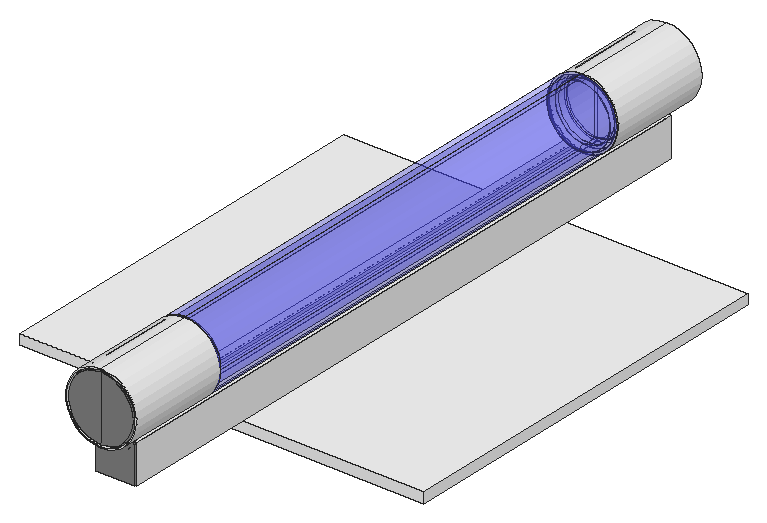
Revit family "BE_23256.1_de_DE", category Leuchten, Revit 2020
Family settings
  Basisbauteil = Fläche
  Bemaßung runder Anschluss = Durchmesser verwenden
  Teiletyp = Normal
  Beim Laden mit Abzugskörper schneiden = Ja
  Lichtquelle = Ja
  Gemeinsam genutzt = Nein
  Raumberechnungspunkt = Ja
Parameters (values of type "BEGA_23256.1_K3")
  built-in parameter 1150104 = 11.669 (stored number, unit not read)
  Wattage = 16.8 W
  Default Elevation = 0 mm
  built-in parameter 1150113 = 1 (stored number, unit not read)
  built-in parameter 1114218 = 1 (stored number, unit not read)
  Umgebungstemperatur = "25 °C"
  URL = "http://www.bega.de/de/produkt/23256.1"
  Typenkommentare = "© 2022 BEGA. Wir behalten uns das Recht vor, technische Änderungen ohne vorherige Ankündigung vorzunehmen."  # constant formula
  built-in parameter 1150134 = 12
  built-in parameter 1150109 = 1 (stored number, unit not read)
  Strom = ""
  built-in parameter 1150110 = 1 (stored number, unit not read)
  Spannung = 239.996 V
  Sonderanfertigung = no
  Seriennummer [instance] = "Hier können Sie die eindeutige Seriennummer für das Facility Management eintragen."
  Schutzklasse = "I"
  Schutzart = "IP 44"
  Scheinlast = 0 VA
  Produktdatenblatt = "http://www.bega.de/download/Xrfa/db/23256.1.db.de.pdf"
  Oberflächentemperatur = ""
  Neigungswinkel = 0.00°
  Model = "23256.1K4"
  Material_17 = BEGA_Reflektor
  Material_15 = BEGA_Leuchtmedium_matt
  Material_11 = BEGA_Glas_opal
  Material_09 = BEGA_Glas_klar
  Material_06 = BEGA_Oberfläche_Edelstahl_gebürstet
  Material_05 = BEGA_Oberfläche_Aluminium Guss
  Material_04 = BEGA_Kunststoff_Grafit_matt
  Material_03 = BEGA_Oberfläche_Weiss_matt
  Material_02 = BEGA_Oberfläche_Silber_matt
  Material_01 [instance] = BEGA_Oberfläche_Grafit_matt
  M_W = no
  M_G = no
  M_A = no
  Logo = 0
  built-in parameter 1114217 = 1 (stored number, unit not read)
  built-in parameter 1150139 = (empty or 0)
  built-in parameter 1150105 = 167.91 (stored number, unit not read)
  built-in parameter 1150114 = 1 (stored number, unit not read)
  Lumens = 2110.08 lm
  built-in parameter 1150115 = 1 (stored number, unit not read)
  Leuchtenlichtstrom = "1696 lm"
  Leuchtenanzahl = ""
  Lebensdauerkriterien = "L70B50 @ 25 °C = 425000 h"
  Lastklassifizierung = Beleuchtung
  built-in parameter 1150112 = 1 (stored number, unit not read)
  Lampenlichtstrom = "2240 lm"
  Lampe = "LED 13.6 W"
  LED_Modulbezeichnung = "2x LED-0425/940"
  Hersteller = "BEGA"  # constant formula
  Halbstreuwinkel = ""
  Gewicht = "2.2 kg"
  Gebrauchslageneinschränkung [instance] = ""
  Frequenz = "0/50-60 Hz"
  Farbwiedergabeindex = "CRI > 90"
  Farbtemperaturverschiebung bei Dämpfen der Lampe = <Keine Auswahl>
  Farbtemperatur = "4000 K"
  Color Filter = 16777215
  built-in parameter 1150133 = 10 (stored number, unit not read)
  Energieeffizienzklasse = "LED A++ - A"
  built-in parameter 1150137 = (empty or 0)
  built-in parameter 1150132 = (empty or 0)
  ENEC = ""
  Dimmbar [instance] = ""
  Photometric Web File = "BE_23256.1K4.IES"
  CE_Konformität = "ja"
  Bestellnummer = "23256.1K4"
  Beschreibung_Sonderanfertigung = "Hier können Sie Informationen zur Sonderanfertigung eintragen."
  Beschreibung = "Wandleuchte"
  built-in parameter 1150106 = 1.6791 (stored number, unit not read)
  Befestigungsbohrung = "Ø 6 mm"
  Befestigungsabstand = "460 mm"
  Ballwurfsicher = ""
  BEGA_Intern_aus = yes
  BEGA_Intern_an = yes
  BEGA_Intern_Konstruktion = yes
  BEGA_Intern = yes
  BEGA_IES = yes
  BEGA_Dummy = no
  Anschlussleitung = ""
  Anschlussleistung [instance] = "15.7 W"
  Anschlusskasten = ""
  built-in parameter 1150107 = 4000 (stored number, unit not read)
  built-in parameter 1150102 = (empty or 0)
  built-in parameter 1150138 = (empty or 0)
  Aktualisierung = "2019-07-05T04:00:16"
  Abstand_zur_angestrahlten_Fläche [instance] = ""
  AC/DC = "AC/DC"
Reference planes
  plane 1 "Mitte (Vorne/Hinten)": y = 0
  plane 2: z = 0
  plane 3 "Mitte (Links/Rechts)": x = 0
  plane 4 "Links": x = -35
  plane 5 "Rechts": x = 35
  plane 6 "Unten": y = -349.5
  plane 7 "Oben": y = 349.5
  plane 8 "Vorne": z = 104.517
  plane 9 "Hinten": z = 0
Forms (mm)
  Extrusion 1, solid, material "BEGA_Platte_Weiss"
    sketch origin (0, -1119.2, 0) x (1, 0, 0) y (0, 1, 0)
      loop
        line (-200, 1319.2) -> (-200, 919.2) -> (200, 919.2) -> (200, 1319.2) -> (-200, 1319.2)
    from 0 to -10
  Extrusion 2, solid, material "BEGA_Dummy_matt", visible <- "BEGA_Dummy"
    sketch origin (80.095, -76.023, 0) x (1, 0, 0) y (0, 1, 0)
      loop
        line (-115.095, 425.523) -> (-115.095, -273.477) -> (-45.095, -273.477) -> (-45.095, 425.523) -> (-115.095, 425.523)
    from 0 to 104.517
Dimensions and locks
  plane 1 "Mitte (Vorne/Hinten)" to Extrusion 1 = 200 mm
  aligned and locked: plane 2 to Extrusion 1
  aligned and locked: level to Extrusion 1
Nested families
  nested 1: "BE_23256.1" at (0, 0, 0) x (0, 1, 0) z (0, 0, 1), type "BE_23256.1"
Connectors
  electrical at (0, 0, 0), driven by "Lastklassifizierung", driven by "Spannung", driven by "Scheinlast"
    settings: index 1, voltage 239.996 V, apparent load 0 VA, apparent load phase1 0 VA, apparent load phase2 0 VA, apparent load phase3 0 VA, power factor 1, load classification "Beleuchtung", number of poles 1, system type 31, power factor state 1, is connector primary yes, connector utility no, sub classification motor no, connector description ""
Definition of nested family "BE_23256.1"
  Parameters (values of type "BE_23256.1")
    Default Elevation = 1 mm
    URL = "http://www.bega.de/de/produkt"
    Type Comments = "© 2015 BEGA. Wir behalten uns das Recht vor, technische Änderungen ohne vorherige Ankündigung vorzunehmen. "  # constant formula
    Type Image = (empty or 0)
    Neigungswinkel_um_Z2 = 0.00°
    Neigungswinkel_um_Z1 = 0.00°
    Neigungswinkel_um_Y2 = 0.00°
    Neigungswinkel_um_Y1 = 0.00°
    Neigungswinkel_um_X2 = 0.00°
    Neigungswinkel_um_X1 = 0.00°
    Material_17 = none
    Material_15 = none
    Material_11 = none
    Material_09 = none
    Material_06 = none
    Material_05 = none
    Material_04 = none
    Material_03 = none
    Material_02 = none
    Material_01 = none
    M_W = yes
    M_G = yes
    M_A = yes
    Länge_Platte = 800 mm  # constant formula
    Höhe_Platte = -10 mm  # constant formula
    Manufacturer = "BEGA"  # constant formula
    Drehwinkel_um_Z2 = 0.00°
    Drehwinkel_um_Z1 = 0.00°
    Breite_Platte = 200 mm  # constant formula
  Reference planes
    plane 1 "Mitte (Oben/Unten)": y = 0
    plane 2: z = 0
    plane 3 "Mitte (Links/Rechts)": x = 0
    plane 4: y = 35
    plane 5: y = -35
    plane 6: z = 104.517
    plane 7: x = -349.5
    plane 8: x = 349.5
    plane 9: z = 104.517
  Forms (mm)
    Extrusion 1, solid, detail levels medium
      sketch origin (0, 0, 0) x (1, 0, 0) y (0, 1, 0)
        loop
          line (-400, 100) -> (-400, -100) -> (400, -100) -> (400, 100) -> (-400, 100)
      from 0 to -10 <- "Höhe_Platte"
    Extrusion 2, solid, material <- "Material_03", detail levels medium+fine
      sketch origin (0, 0, 0) x (0, 1, 0) y (0, 0, 1)
        loop
          line (-20, 37.5) -> (-20, 0) -> (-15.75, 0) -> (-15.75, 6.5) -> (-16.8, 6.5)
          arc (-16.8, 6.5) -> (-17.507, 6.793) -> (-17.8, 7.5) r 1
          line (-17.8, 7.5) -> (-17.8, 32.29)
          arc (-17.8, 32.29) -> (-16.811, 33.7) -> (-15.148, 33.251) r 1.5
          line (-15.148, 33.251) -> (-11.917, 29.4) -> (11.917, 29.4) -> (15.148, 33.251)
          arc (15.148, 33.251) -> (16.811, 33.7) -> (17.8, 32.29) r 1.5
          line (17.8, 32.29) -> (17.8, 7.5)
          arc (17.8, 7.5) -> (17.507, 6.793) -> (16.8, 6.5) r 1
          line (16.8, 6.5) -> (15.75, 6.5) -> (15.75, 0) -> (20, 0) -> (20, 37.5) -> (18, 39.5)
          arc (18, 39.5) -> (15.101, 37.578) -> (12, 36.005) r 30
          line (12, 36.005) -> (12, 33.9)
          arc (12, 33.9) -> (11.561, 32.839) -> (10.5, 32.4) r 1.5
          line (10.5, 32.4) -> (-10.5, 32.4)
          arc (-10.5, 32.4) -> (-11.561, 32.839) -> (-12, 33.9) r 1.5
          line (-12, 33.9) -> (-12, 36.005)
          arc (-12, 36.005) -> (-15.101, 37.578) -> (-18, 39.5) r 30
          line (-18, 39.5) -> (-20, 37.5)
      from -330.5 to 329.203
    Extrusion 3, solid, material <- "Material_03", detail levels medium+fine
      sketch origin (0, 0, 0) x (1, 0, 0) y (0, 0, 1)
        loop
          line (222.5, 4.3) -> (222.5, 1) -> (242.5, 1) -> (242.5, 4.3) -> (222.5, 4.3)
        loop
          line (-237.5, 4.3) -> (-237.5, 1) -> (-217.5, 1) -> (-217.5, 4.3) -> (-237.5, 4.3)
      from -17.577 to 17.577
    Extrusion 4, solid, material <- "Material_04", detail levels medium+fine
      sketch origin (0, 0, 0) x (0, 1, 0) y (0, 0, 1)
        loop
          line (-18.99, 0.01) -> (18.99, 0.01) -> (19, 36.578) -> (17.542, 38.036)
          arc (17.542, 38.036) -> (0, 32.49) -> (-17.542, 38.036) r 30.51
          line (-17.542, 38.036) -> (-18.99, 36.588) -> (-18.99, 0.01)
      from 329.203 to 331
    Extrusion 5, solid, material <- "Material_04", detail levels medium+fine
      sketch origin (0, 0, 0) x (0, 1, 0) y (0, 0, -1)
        loop
          line (-18.99, -0.01) -> (-18.99, -36.588) -> (-17.542, -38.036)
          arc (-17.542, -38.036) -> (0, -32.49) -> (17.542, -38.036) r 30.51
          line (17.542, -38.036) -> (19, -36.578) -> (18.99, -0.01) -> (-18.99, -0.01)
      from 330.5 to 332
    Extrusion 6, void
      sketch origin (0, 0, 0) x (1, 0, 0) y (0, 1, 0)
        loop
          arc (229.5, 3) -> (226.5, 0) -> (229.5, -3) r 3
          line (229.5, -3) -> (235.5, -3)
          arc (235.5, -3) -> (237.616, -2.127) -> (238.5, -0.016) r 3
          arc (238.5, -0.016) -> (237.616, 2.127) -> (235.5, 3) r 3
          line (235.5, 3) -> (229.5, 3)
        loop
          arc (-224.5, 3) -> (-227.5, 6) -> (-230.5, 3) r 3
          line (-230.5, 3) -> (-230.5, -3)
          arc (-230.5, -3) -> (-229.628, -5.114) -> (-227.485, -6) r 3
          arc (-227.485, -6) -> (-225.373, -5.116) -> (-224.5, -3) r 3
          line (-224.5, -3) -> (-224.5, 3)
      from 0 to 6.5
    Revolve 7, void
      sketch origin (-299.5, 0, 0) x (0, 1, 0) y (0, 0, 1)
        loop
          line (-6, 32.4) -> (-6, 29.4) -> (0, 29.4) -> (0, 32.4) -> (-6, 32.4)
        axis (0, 32.4) -> (0, 29.4)
      angle from 0 to 360
    Revolve 8, solid, material <- "Material_03", detail levels medium+fine
      sketch origin (0, 0, 0) x (1, 0, 0) y (0, 0, 1)
        loop
          line (-349.5, 103.267) -> (-346.93, 103.267) -> (-346.16, 102.822) -> (-334.5, 102.517) -> (-246.5, 102.517) -> (-246.5, 104.517) -> (-349.5, 104.517) -> (-349.5, 103.267)
        loop
          line (349.5, 103.267) -> (349.5, 104.517) -> (246.5, 104.517) -> (246.5, 102.517) -> (334.5, 102.517) -> (346.16, 102.822) -> (346.93, 103.267) -> (349.5, 103.267)
        axis (-349.5, 69.517) -> (349.5, 69.517)
      angle from 0 to 360
    Revolve 9, solid, material <- "Material_04", detail levels medium+fine
      sketch origin (0, 0, 0) x (1, 0, 0) y (0, 0, 1)
        loop
          line (-349.5, 101.517) -> (-349.5, 69.517) -> (-343.5, 69.517) -> (-343.5, 100.067) -> (-334.5, 100.381) -> (-334.5, 103.017) -> (-346.5, 103.017) -> (-346.5, 101.517) -> (-349.5, 101.517)
        loop
          line (349.5, 101.517) -> (346.5, 101.517) -> (346.5, 103.017) -> (334.5, 103.017) -> (334.5, 100.381) -> (343.5, 100.067) -> (343.5, 69.517) -> (349.5, 69.517) -> (349.5, 101.517)
        axis (-349.5, 69.517) -> (349.5, 69.517)
      angle from 0 to 360
    Revolve 10, solid, material <- "Material_11", detail levels medium+fine
      sketch origin (0, 0, 0) x (1, 0, 0) y (0, 0, 1)
        loop
          line (-252, 98.517) -> (-247.915, 98.517)
          arc (-247.915, 98.517) -> (-243.622, 97.721) -> (-240.493, 100.767) r 4.75
          line (-240.493, 100.767) -> (241.493, 100.767)
          arc (241.493, 100.767) -> (244.622, 97.721) -> (248.915, 98.517) r 4.75
          line (248.915, 98.517) -> (252.836, 98.517) -> (261.25, 97.781) -> (261.25, 69.517) -> (265, 69.517) -> (265, 99.388)
          arc (265, 99.388) -> (264.476, 100.734) -> (263.184, 101.376) r 2
          line (263.184, 101.376) -> (253, 102.267) -> (245, 102.36) -> (245, 104.517) -> (-245, 104.517) -> (-245, 102.267) -> (-252, 102.267) -> (-252, 98.517)
        axis (-252, 69.517) -> (265, 69.517)
      angle from 0 to 360
    Revolve 11, void
      sketch origin (0, 0, 0) x (1, 0, 0) y (0, 0, 1)
        loop
          line (346.8, 79.117) -> (346.8, 69.517) -> (349.713, 69.517) -> (349.713, 79.295) -> (346.8, 79.117)
        axis (346.8, 69.517) -> (349.713, 69.517)
      angle from 0 to 360
    Revolve 12, solid, material <- "Material_06", detail levels fine
      sketch origin (0, 0, 0) x (1, 0, 0) y (0, 0, 1)
        loop
          line (346.8, 79.017) -> (346.8, 69.517) -> (349.3, 69.517) -> (349.3, 79.017) -> (346.8, 79.017)
        axis (346.8, 69.517) -> (349.3, 69.517)
      angle from 0 to 360
  Cuts and joins
    joined: Extrusion 4, Extrusion 5
    Revolve 7 cuts Extrusion 2
    Extrusion 6 cuts Extrusion 3
    joined: Extrusion 2, Extrusion 3
    Revolve 11 cuts Revolve 9
  Dimensions and locks
    equal spacing: Extrusion 1 sketch curve, plane 3 "Mitte (Links/Rechts)", Extrusion 1 sketch curve
    equal spacing: Extrusion 1 sketch curve, plane 1 "Mitte (Oben/Unten)", Extrusion 1 sketch curve
    "Länge_Platte": Extrusion 1 sketch curve to Extrusion 1 sketch curve
    "Breite_Platte": Extrusion 1 sketch curve to Extrusion 1 sketch curve
    aligned and locked: Extrusion 1 to plane 2
    aligned and locked: level to Extrusion 1
  Automatic sketch dimensions
    Extrusion 2 sketch curve to Extrusion 2 sketch curve = 0 mm  (x2)
    Extrusion 2 sketch curve to level = 0 mm  (x2)
    Extrusion 2 sketch curve to plane 1 "Mitte (Oben/Unten)" = 0 mm
    plane 1 "Mitte (Oben/Unten)" to Extrusion 2 sketch curve = 10.5 mm
    Extrusion 2 sketch curve to Extrusion 2 sketch curve = 1.417 mm  (x2)
    Extrusion 2 sketch curve to Extrusion 2 sketch curve = 1.5 mm  (x3)
    Extrusion 2 sketch curve to Extrusion 2 sketch curve = 3.148 mm  (x2)
    plane 1 "Mitte (Oben/Unten)" to Extrusion 2 sketch curve = 15.75 mm
    Extrusion 2 sketch curve to Extrusion 2 sketch curve = 1.152 mm  (x2)
    Extrusion 2 sketch curve to Extrusion 2 sketch curve = 1.05 mm  (x2)
    Extrusion 2 sketch curve to Extrusion 2 sketch curve = 1 mm
    Extrusion 2 sketch curve to Extrusion 2 sketch curve = 2.852 mm  (x2)
    Extrusion 2 sketch curve to Extrusion 2 sketch curve = 2 mm  (x2)
    Extrusion 2 sketch curve to plane 1 "Mitte (Oben/Unten)" = 10.5 mm
    level to Extrusion 2 sketch curve = 6.5 mm  (x2)
    Extrusion 2 sketch curve to plane 1 "Mitte (Oben/Unten)" = 15.75 mm
    Extrusion 2 sketch curve to Extrusion 2 sketch curve = 4.25 mm
    Extrusion 2 sketch curve to Extrusion 2 sketch curve = 21.9 mm
    Extrusion 2 sketch curve to Extrusion 2 sketch curve = 2.89 mm  (x2)
    Extrusion 2 sketch curve to Extrusion 2 sketch curve = 3 mm
    Extrusion 2 sketch curve to Extrusion 2 sketch curve = 2.105 mm  (x2)
    Extrusion 2 sketch curve to Extrusion 2 sketch curve = 5.21 mm  (x2)
    level to Extrusion 3 sketch curve = 1 mm  (x2)
    Extrusion 3 sketch curve to Extrusion 3 sketch curve = 20 mm  (x2)
    level to Extrusion 3 sketch curve = 4.3 mm
    Extrusion 3 sketch curve to Extrusion 3 sketch curve = 3.3 mm
    Extrusion 4 sketch curve to plane 1 "Mitte (Oben/Unten)" = 0 mm
    Extrusion 4 sketch curve to plane 5 = 17.458 mm
    level to Extrusion 4 sketch curve = 0.01 mm
    Extrusion 4 sketch curve to plane 5 = 16.01 mm
    Extrusion 4 sketch curve to plane 4 = 17.458 mm
    Extrusion 4 sketch curve to plane 4 = 16.01 mm
    Extrusion 4 sketch curve to Extrusion 4 sketch curve = 1.458 mm  (x2)
    Extrusion 4 sketch curve to Extrusion 4 sketch curve = 36.567 mm
    Extrusion 4 sketch curve to Extrusion 4 sketch curve = 36.578 mm
    Extrusion 5 sketch curve to plane 1 "Mitte (Oben/Unten)" = 0 mm
    Extrusion 5 sketch curve to plane 5 = 17.458 mm
    level to Extrusion 5 sketch curve = 0.01 mm
    Extrusion 5 sketch curve to plane 5 = 16.01 mm
    Extrusion 5 sketch curve to plane 4 = 17.458 mm
    Extrusion 5 sketch curve to plane 4 = 16.01 mm
    Extrusion 5 sketch curve to Extrusion 5 sketch curve = 1.458 mm
    Extrusion 5 sketch curve to Extrusion 5 sketch curve = 36.567 mm
    Extrusion 5 sketch curve to Extrusion 5 sketch curve = 36.578 mm
    Extrusion 5 sketch curve to Extrusion 5 sketch curve = 1.448 mm
    Extrusion 6 sketch curve to Extrusion 6 sketch curve = 0 mm  (x5)
    plane 1 "Mitte (Oben/Unten)" to Extrusion 6 sketch curve = 0 mm  (x2)
    Extrusion 6 sketch curve to plane 1 "Mitte (Oben/Unten)" = 3 mm
    Extrusion 6 sketch curve to Extrusion 6 sketch curve = 3 mm  (x2)
    plane 1 "Mitte (Oben/Unten)" to Extrusion 6 sketch curve = 3 mm  (x2)
    Extrusion 6 sketch curve to Extrusion 6 sketch curve = 6 mm
    Extrusion 6 sketch curve to Extrusion 6 sketch curve = 0.02 mm
    Extrusion 6 sketch curve to Extrusion 6 sketch curve = 0.035 mm
    Extrusion 6 sketch curve to plane 1 "Mitte (Oben/Unten)" = 0.016 mm
    plane 1 "Mitte (Oben/Unten)" to Extrusion 6 sketch curve = 0.016 mm
    Revolve 7 sketch curve to plane 1 "Mitte (Oben/Unten)" = 0 mm  (x2)
    Revolve 7 sketch curve to Revolve 7 sketch curve = 6 mm
    level to Revolve 7 sketch curve = 29.4 mm
    Revolve 7 sketch curve to Revolve 7 sketch curve = 3 mm
    Revolve 7 sketch curve to Revolve 7 sketch curve = 4.732 mm
    Revolve 7 sketch curve to Revolve 7 sketch curve = 0 mm
    Extrusion 4 sketch curve to Extrusion 4 sketch curve = 24.964 mm
    Extrusion 5 sketch curve to Extrusion 5 sketch curve = 24.964 mm
    Revolve 8 sketch curve to Revolve 8 sketch curve = 2.57 mm
    Revolve 8 sketch curve to Revolve 8 sketch curve = 0.77 mm  (x2)
    Revolve 8 sketch curve to Revolve 8 sketch curve = 11.66 mm
    Revolve 8 sketch curve to Revolve 8 sketch curve = 88 mm
    level to Revolve 8 sketch curve = 102.517 mm  (x2)
    Revolve 8 sketch curve to Revolve 8 sketch curve = 0.305 mm  (x2)
    Revolve 8 sketch curve to Revolve 8 sketch curve = 0.445 mm  (x2)
    Revolve 8 sketch curve to Revolve 8 sketch curve = 2 mm  (x2)
    Revolve 8 sketch curve to Revolve 8 sketch curve = 27.869 mm
    Revolve 8 sketch curve to Revolve 8 sketch curve = 33 mm
    Revolve 9 sketch curve to Revolve 9 sketch curve = 3 mm
    Revolve 9 sketch curve to Revolve 9 sketch curve = 6 mm  (x2)
    Revolve 9 sketch curve to Revolve 9 sketch curve = 9 mm  (x2)
    level to Revolve 9 sketch curve = 69.517 mm  (x2)
    Revolve 9 sketch curve to Revolve 9 sketch curve = 30.55 mm  (x2)
    Revolve 9 sketch curve to Revolve 9 sketch curve = 0.314 mm  (x2)
    Revolve 9 sketch curve to Revolve 9 sketch curve = 1.45 mm  (x2)
    Revolve 9 sketch curve to Revolve 9 sketch curve = 1.5 mm  (x2)
    Revolve 9 sketch curve to Revolve 9 sketch curve = 4 mm
    Revolve 9 sketch curve to Revolve 9 sketch curve = 0 mm
    level to Revolve 12 sketch curve = 69.517 mm
    Revolve 12 sketch curve to Revolve 12 sketch curve = 9.5 mm
    Revolve 12 sketch curve to Revolve 12 sketch curve = 0 mm  (x2)
    Revolve 10 sketch curve to plane 6 = 0 mm
    plane 6 to Revolve 10 sketch curve = 2.25 mm  (x2)
    Revolve 10 sketch curve to Revolve 10 sketch curve = 4.085 mm
    Revolve 10 sketch curve to Revolve 10 sketch curve = 2.915 mm  (x2)
    Revolve 10 sketch curve to Revolve 10 sketch curve = 0 mm
    Revolve 10 sketch curve to Revolve 10 sketch curve = 4.507 mm
    plane 6 to Revolve 10 sketch curve = 3.75 mm
    plane 6 to Revolve 10 sketch curve = 2.157 mm
    Revolve 10 sketch curve to Revolve 10 sketch curve = 3.507 mm
    Revolve 10 sketch curve to Revolve 10 sketch curve = 1 mm
    Revolve 10 sketch curve to Revolve 10 sketch curve = 3.921 mm
    Revolve 10 sketch curve to Revolve 10 sketch curve = 0.164 mm
    Revolve 10 sketch curve to Revolve 10 sketch curve = 8.414 mm
    Revolve 10 sketch curve to Revolve 10 sketch curve = 1.75 mm
    plane 6 to Revolve 10 sketch curve = 3.141 mm
    Revolve 10 sketch curve to Revolve 10 sketch curve = 0.184 mm
    Revolve 10 sketch curve to Revolve 10 sketch curve = 3.75 mm  (x3)
    Revolve 10 sketch curve to Revolve 10 sketch curve = 1.988 mm
    Revolve 10 sketch curve to Revolve 10 sketch curve = 1.604 mm
    Revolve 10 sketch curve to Revolve 10 sketch curve = 28.264 mm
    Revolve 10 sketch curve to plane 3 "Mitte (Links/Rechts)" = 46.5 mm
    plane 3 "Mitte (Links/Rechts)" to Revolve 10 sketch curve = 23.5 mm
    plane 6 to Revolve 10 sketch curve = 35 mm
    Revolve 11 sketch curve to Revolve 11 sketch curve = 2.913 mm
    plane 6 to Revolve 11 sketch curve = 35 mm
    Revolve 11 sketch curve to Revolve 11 sketch curve = 9.6 mm
    Revolve 11 sketch curve to Revolve 11 sketch curve = 0.178 mm
    Revolve 11 sketch curve to Revolve 11 sketch curve = 0 mm  (x2)
    Revolve 11 sketch curve to Revolve 11 sketch curve = 0.462 mm
    plane 7 to Extrusion 3 sketch curve = 132 mm
    plane 7 to Extrusion 6 sketch curve = 125 mm
    Revolve 8 sketch curve to plane 7 = 0 mm
    Revolve 8 sketch curve to Revolve 8 sketch curve = 43.754 mm
    Revolve 9 sketch curve to plane 7 = 0 mm  (x2)
    plane 7 to Revolve 10 sketch curve = 109.007 mm
    plane 8 to Extrusion 3 sketch curve = 127 mm
    plane 8 to Extrusion 6 sketch curve = 120 mm
    Revolve 8 sketch curve to plane 8 = 0 mm
    plane 8 to Revolve 8 sketch curve = 103 mm
    plane 8 to Revolve 8 sketch curve = 15 mm
    plane 8 to Revolve 8 sketch curve = 3.34 mm
    plane 8 to Revolve 9 sketch curve = 0 mm
    plane 8 to Revolve 9 sketch curve = 3 mm
    plane 8 to Revolve 10 sketch curve = 108.007 mm
    plane 8 to Revolve 11 sketch curve = 2.7 mm
    plane 8 to Revolve 12 sketch curve = 2.7 mm
    plane 8 to Revolve 12 sketch curve = 0.2 mm
    Revolve 12 sketch curve to plane 8 = 0.342 mm
